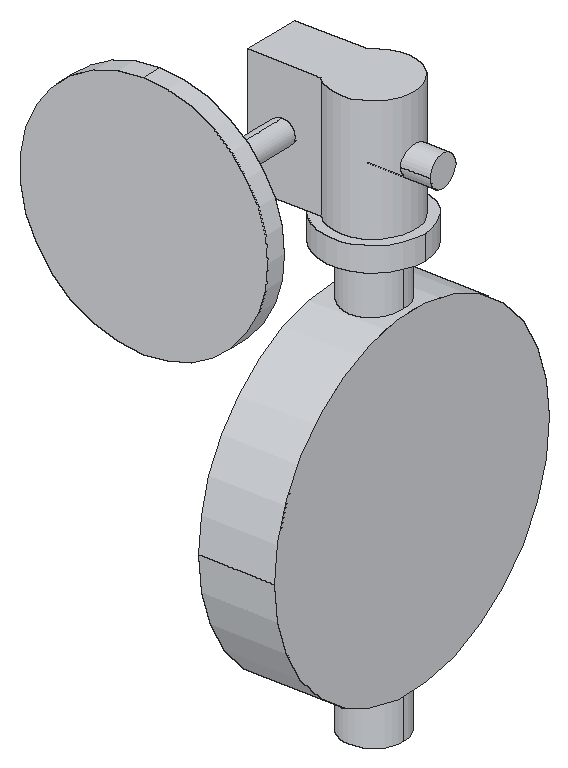
Revit family "HS497-68_disk-nerez_převodové kolo DN600-RFA_2019", category Pipe Accessories, Revit 2019
Family settings
  Round Connector Dimension = Use Diameter
  Part Type = Valve - Breaks Into
  Work Plane-Based = No
  Always vertical = Yes
  Cut with Voids When Loaded = No
  Shared = No
Parameters (values of type "HS 497-68_DN600_PN10_převodové kolo")
  magiProductId = "b1e26faab48a4c499f6bb11e7e3002"
  magiProductFamilyId = "53cea81e6f374d17b8841d9c72ad77"
  magiPartTypeId = 305
  isMeasuringValve [instance] = no
  ang2D [instance] = 0.00°
  X11 = 143.397 mm
  X1 = 59.397 mm
  W2D = 1000 mm
  VersionID = "2.0/2017.9.26.1/ZETKAMA_497_001"
  Use Minimum Symbol Size [instance] = yes
  URL = "http://www.hydronic.cz"
  Type Comments = "mezipřírubová; lnerezový disk; PN10; -10~+110°C (krátkodobě +120°C)"
  SW30 = yes
  SW3 = yes
  SW21 = no
  SW20 = no
  SW2 = no
  SW1 = no
  R = 300 mm
  QmdConnectorList = "301;D;302;D"
  Productdata [instance] = ""
  NC = 140 mm
  Manufacturer = "Hydronic Systems Prague s.r.o."
  MM20 = 59.397 mm
  MC Product Code = "126 600 (nerezový disk, s převodovým kolem; DN600; PN10, kvs36778)"
  M41 = 206.25 mm
  M4 = 137.5 mm
  LHL = 220 mm
  LHH3 = 2.45 mm
  LHH1 = 46.55 mm
  LH1 = 73.333 mm
  L4R__ve = -L4R  # -40.8 mm
  L4R = 40.8 mm
  L42__ve = -L42  # -306 mm
  L42 = 306 mm
  L41__ve = -L41  # -61.2 mm
  L41 = 61.2 mm
  L2D_Min = 3048 mm
  L2D = 216 mm
  L2 = 77 mm
  L1 = 123.2 mm
  L = 154 mm
  H = 80 mm
  G22 = 11.25 mm
  G2 = 22.5 mm
  G1 = 90 mm
  G = 210 mm
  F = 60 mm
  E44 = 125 mm
  E42 = 250 mm
  E4 = 500 mm
  E23 = 4.9 mm
  E22 = 19.6 mm
  E21 = 9.8 mm
  Description = "Mezipřírubová uzavírací klapka s převodovým kolem; nerezový disk, DN600; PN10; kvs36788"
  DR2 = 300 mm
  DR = 690 mm
  DD1 = 62.5 mm
  DD = 50 mm
  D = 600 mm
  CAT0 = yes
  B2__ve = -B2  # -140 mm
  B2 = 140 mm
  A2 = 49.4 mm
  A1 = 144.6 mm
Types (43, lengths in mm): name | magiProductId | X11 | X1 | Type Comments | SW30 | SW3 | SW20 | SW2 | SW1 | R | NC | Manufacturer | MM20 | MC Product Code | M41 | M4 | LHL | LHH3 | LHH1 | LH1 | L4R__ve | L4R | L42__ve | L42 | L41__ve | L41 | L2 | L1 | L | H | G | F | E44 | E42 | E4 | E23 | E22 | E21 | Description | DR2 | DR | DD1 | DD | D | B2__ve | B2 | A2 | A1
  HS 497-68_DN100_PN16_volné vřeteno | "65d1b245f4f142c78569c0602d5754" | 61.456 | 25.456 | "mezipřírubová; nerezový disk; PN16; -10~+110°C (krátkodobě +120°C)" | no | no | no | no | yes | 50 | 50 | "Hydronic Systems Prague s.r.o." | 25.456 | "124 100 (nerezový disk, s volným vřetenem; DN100; PN16, kvs512)" | 66 | 44 | 220 | 2.45 | 46.55 | 73.333 | -12.8 | 12.8 | -96 | 96 | -19.2 | 19.2 | 26 | 41.6 | 52 | 30 | 90 | 11 | 31.25 | 62.5 | 125 | 4.9 | 19.6 | 9.8 | "Mezipřírubová uzavírací klapka s volným vřetenem; nerezový disk, DN100; PN16; kvs512" | 50 | 147 | 15.625 | 12.5 | 100 | -56 | 56 | 16.5 | 98.5
  HS 497-68_DN100_PN16_převodové kolo | "11e91b807e674d428c8e796fcdcfe2" | 61.456 | 25.456 | "mezipřírubová; nerezový disk; PN16; -10~+110°C (krátkodobě +120°C)" | yes | yes | no | no | no | 50 | 50 | "Hydronic Systems Prague s.r.o." | 25.456 | "126 100 (nerezový disk, s převodovým kolem; DN100; PN16, kvs512)" | 65.25 | 43.5 | 220 | 2.45 | 46.55 | 73.333 | -12.8 | 12.8 | -96 | 96 | -19.2 | 19.2 | 26 | 41.6 | 52 | 30 | 90 | 11 | 31.25 | 62.5 | 125 | 4.9 | 19.6 | 9.8 | "Mezipřírubová uzavírací klapka s převodovým kolem; nerezový disk, DN100; PN16; kvs512" | 50 | 147 | 15.625 | 12.5 | 100 | -56 | 56 | 16.5 | 98.5
  HS 497-68_DN100_PN16_s pákou | "28172f0b3f4b47b28323ac71cf8749" | 61.456 | 25.456 | "mezipřírubová; nerezový disk; PN16; -10~+110°C (krátkodobě +120°C)" | no | no | yes | yes | no | 50 | 50 | "Hydronic Systems Prague s.r.o." | 25.456 | "121 100 (nerezový disk, s pákou; DN100; PN16, kvs512)" | 66 | 44 | 260 | 3 | 57 | 86.667 | -12.8 | 12.8 | -96 | 96 | -19.2 | 19.2 | 26 | 41.6 | 52 | 30 | 90 | 11 | 31.25 | 62.5 | 125 | 6 | 24 | 12 | "Mezipřírubová uzavírací klapka s pákou; nerezový disk, DN100; PN16; kvs512" | 50 | 147 | 15.625 | 12.5 | 100 | -56 | 56 | 16.5 | 98.5
  HS 497-68_DN125_PN16_volné vřeteno | "0d813d910fc14f628bb3c2efbd185c" | 61.456 | 25.456 | "mezipřírubová; nerezový disk; PN16; -10~+110°C (krátkodobě +120°C)" | no | no | no | no | yes | 62.5 | 50 | "Hydronic Systems Prague s.r.o." | 25.456 | "124 125 (nerezový disk, s volným vřetenem; DN125; PN16, kvs872)" | 66 | 44 | 220 | 2.45 | 46.55 | 73.333 | -12.8 | 12.8 | -96 | 96 | -19.2 | 19.2 | 28 | 44.8 | 56 | 33 | 90 | 14 | 31.25 | 62.5 | 125 | 4.9 | 19.6 | 9.8 | "Mezipřírubová uzavírací klapka s volným vřetenem; nerezový disk, DN125; PN16; kvs872" | 62.5 | 180 | 15.625 | 12.5 | 125 | -64 | 64 | 18 | 99.5
  HS 497-68_DN125_PN16_převodové kolo | "c56b7c13f372467684996fb1e0e229" | 61.456 | 25.456 | "mezipřírubová; nerezový disk; PN16; -10~+110°C (krátkodobě +120°C)" | yes | yes | no | no | no | 62.5 | 50 | "Hydronic Systems Prague s.r.o." | 25.456 | "126125 (nerezový disk, s převodovým kolem; DN125; PN16, kvs872)" | 65.25 | 43.5 | 220 | 2.45 | 46.55 | 73.333 | -13.5 | 13.5 | -101.25 | 101.25 | -20.25 | 20.25 | 28 | 44.8 | 56 | 33 | 90 | 14 | 40 | 80 | 160 | 4.9 | 19.6 | 9.8 | "Mezipřírubová uzavírací klapka s převodovým kolem; nerezový disk, DN125; PN16; kvs872" | 62.5 | 180 | 20 | 16 | 125 | -64 | 64 | 18 | 99.5
  HS 497-68_DN125_PN16_s pákou | "105993c79a91492399feef7931321a" | 61.456 | 25.456 | "mezipřírubová; nerezový disk; PN16; -10~+110°C (krátkodobě +120°C)" | no | no | yes | yes | no | 62.5 | 50 | "Hydronic Systems Prague s.r.o." | 25.456 | "121 125 (nerezový disk, s pákou; DN125; PN16, kvs872)" | 66 | 44 | 315 | 3.75 | 71.25 | 105 | -12.8 | 12.8 | -96 | 96 | -19.2 | 19.2 | 28 | 44.8 | 56 | 33 | 90 | 14 | 31.25 | 62.5 | 125 | 7.5 | 30 | 15 | "Mezipřírubová uzavírací klapka s pákou; nerezový disk, DN125; PN16; kvs872" | 62.5 | 180 | 15.625 | 12.5 | 125 | -64 | 64 | 18 | 99.5
  HS 497-68_DN150_PN16_volné vřeteno | "50c80cb8ab434f55ab7796e5ac1331" | 61.456 | 25.456 | "mezipřírubová; nerezový disk; PN16; -10~+110°C (krátkodobě +120°C)" | no | no | no | no | yes | 75 | 50 | "Hydronic Systems Prague s.r.o." | 25.456 | "124 150 (nerezový disk, s volným vřetenem; DN150; PN16, kvs1347)" | 66 | 44 | 220 | 2.45 | 46.55 | 73.333 | -12.8 | 12.8 | -96 | 96 | -19.2 | 19.2 | 28 | 44.8 | 56 | 33 | 90 | 14 | 31.25 | 62.5 | 125 | 4.9 | 19.6 | 9.8 | "Mezipřírubová uzavírací klapka s volným vřetenem; nerezový disk, DN150; PN16; kvs1347" | 75 | 206 | 15.625 | 12.5 | 150 | -58 | 58 | 19.3 | 98.7
  HS 497-68_DN150_PN16_převodové kolo | "d94a1a0cf83b476eb10011b327f709" | 61.456 | 25.456 | "mezipřírubová; nerezový disk; PN16; -10~+110°C (krátkodobě +120°C)" | yes | yes | no | no | no | 75 | 50 | "Hydronic Systems Prague s.r.o." | 25.456 | "126 150 (nerezový disk, s převodovým kolem; DN150; PN16, kvs1347)" | 65.25 | 43.5 | 220 | 2.45 | 46.55 | 73.333 | -13.5 | 13.5 | -101.25 | 101.25 | -20.25 | 20.25 | 28 | 44.8 | 56 | 33 | 90 | 14 | 40 | 80 | 160 | 4.9 | 19.6 | 9.8 | "Mezipřírubová uzavírací klapka s převodovým kolem; nerezový disk, DN150; PN16; kvs1347" | 75 | 206 | 20 | 16 | 150 | -58 | 58 | 19.3 | 98.7
  HS 497-68_DN150_PN16_s pákou | "4d2835523fe84828bc50ff0a5a0dfb" | 61.456 | 25.456 | "mezipřírubová; nerezový disk; PN16; -10~+110°C (krátkodobě +120°C)" | no | no | yes | yes | no | 75 | 50 | "Hydronic Systems Prague s.r.o." | 25.456 | "121 150 (nerezový disk, s pákou; DN150; PN16, kvs1347)" | 66 | 44 | 315 | 3.75 | 71.25 | 105 | -12.8 | 12.8 | -96 | 96 | -19.2 | 19.2 | 28 | 44.8 | 56 | 33 | 90 | 14 | 31.25 | 62.5 | 125 | 7.5 | 30 | 15 | "Mezipřírubová uzavírací klapka s pákou; nerezový disk, DN150; PN16; kvs1347" | 75 | 206 | 15.625 | 12.5 | 150 | -58 | 58 | 19.3 | 98.7
  HS 497-68_DN200_PN16_volné vřeteno | "5b29029eaeba47139ee1055a4b9201" | 61.456 | 25.456 | "mezipřírubová; nerezový disk; PN16; -10~+110°C (krátkodobě +120°C)" | no | no | no | no | yes | 100 | 50 | "Hydronic Systems Prague s.r.o." | 25.456 | "124 200 (nerezový disk, s volným vřetenem; DN200; PN16, kvs2675)" | 66 | 44 | 220 | 2.45 | 46.55 | 73.333 | -12.8 | 12.8 | -96 | 96 | -19.2 | 19.2 | 30 | 48 | 60 | 33 | 90 | 17 | 31.25 | 62.5 | 125 | 4.9 | 19.6 | 9.8 | "Mezipřírubová uzavírací klapka s volným vřetenem; nerezový disk, DN200; PN16; kvs2675" | 100 | 257 | 15.625 | 12.5 | 200 | -70 | 70 | 22.5 | 102.5
  HS 497-68_DN200_PN16_převodové kolo | "b2793cc1fcc44cf2a35062cd67c04f" | 61.456 | 25.456 | "mezipřírubová; nerezový disk; PN16; -10~+110°C (krátkodobě +120°C)" | yes | yes | no | no | no | 100 | 57 | "Hydronic Systems Prague s.r.o." | 25.456 | "126 200 (nerezový disk, s převodovým kolem; DN200; PN16, kvs2675)" | 78.75 | 52.5 | 220 | 2.45 | 46.55 | 73.333 | -15.2 | 15.2 | -114 | 114 | -22.8 | 22.8 | 30 | 48 | 60 | 33 | 90 | 17 | 50 | 100 | 200 | 4.9 | 19.6 | 9.8 | "Mezipřírubová uzavírací klapka s převodovým kolem; nerezový disk, DN200; PN16; kvs2675" | 100 | 257 | 25 | 20 | 200 | -70 | 70 | 22.5 | 102.5
  HS 497-68_DN200_PN16_s pákou | "f88d96c7af224537a51e72d7d8fffe" | 61.456 | 25.456 | "mezipřírubová; nerezový disk; PN16; -10~+110°C (krátkodobě +120°C)" | no | no | yes | yes | no | 100 | 50 | "Hydronic Systems Prague s.r.o." | 25.456 | "121 200 (nerezový disk, s pákou; DN200; PN16, kvs2675)" | 66 | 44 | 315 | 3.75 | 71.25 | 105 | -12.8 | 12.8 | -96 | 96 | -19.2 | 19.2 | 30 | 48 | 60 | 33 | 90 | 17 | 31.25 | 62.5 | 125 | 7.5 | 30 | 15 | "Mezipřírubová uzavírací klapka s pákou; nerezový disk, DN200; PN16; kvs2675" | 100 | 257 | 15.625 | 12.5 | 200 | -70 | 70 | 22.5 | 102.5
  HS 497-68_DN250_PN16_volné vřeteno | "b662e8305ca2402b9c510e66e6aa55" | 88.77 | 36.77 | "mezipřírubová; nerezový disk; PN16; -10~+110°C (krátkodobě +120°C)" | no | no | no | no | yes | 125 | 50 | "Hydronic Systems Prague s.r.o." | 36.77 | "124 250 (nerezový disk, s volným vřetenem; DN250; PN16, kvs4555)" | 66 | 44 | 220 | 2.45 | 46.55 | 73.333 | -12.8 | 12.8 | -96 | 96 | -19.2 | 19.2 | 34 | 54.4 | 68 | 23 | 130 | 22 | 31.25 | 62.5 | 125 | 4.9 | 19.6 | 9.8 | "Mezipřírubová uzavírací klapka s volným vřetenem; nerezový disk, DN250; PN16; kvs4555" | 125 | 324 | 15.625 | 12.5 | 250 | -85 | 85 | 28.25 | 129.25
  HS 497-68_DN250_PN16_převodové kolo | "5ee9016806664ddfaa2632711f295c" | 88.77 | 36.77 | "mezipřírubová; nerezový disk; PN16; -10~+110°C (krátkodobě +120°C)" | yes | yes | no | no | no | 125 | 70 | "Hydronic Systems Prague s.r.o." | 36.77 | "126 250 (nerezový disk, s převodovým kolem; DN250; PN16, kvs4555)" | 91.5 | 61 | 220 | 2.45 | 46.55 | 73.333 | -22.2 | 22.2 | -166.5 | 166.5 | -33.3 | 33.3 | 34 | 54.4 | 68 | 23 | 130 | 22 | 62.5 | 125 | 250 | 4.9 | 19.6 | 9.8 | "Mezipřírubová uzavírací klapka s převodovým kolem; nerezový disk, DN250; PN16; kvs4555" | 125 | 324 | 31.25 | 25 | 250 | -85 | 85 | 28.25 | 129.25
  HS 497-68_DN300_PN16_volné vřeteno | "e1886f51ff004380a649519258edf2" | 88.77 | 36.77 | "mezipřírubová; nerezový disk; PN16; -10~+110°C (krátkodobě +120°C)" | no | no | no | no | yes | 150 | 50 | "Hydronic Systems Prague s.r.o." | 36.77 | "124 300 (nerezový disk, s volným vřetenem; DN300; PN16, kvs7037)" | 66 | 44 | 220 | 2.45 | 46.55 | 73.333 | -12.8 | 12.8 | -96 | 96 | -19.2 | 19.2 | 39 | 62.4 | 78 | 23 | 130 | 22 | 31.25 | 62.5 | 125 | 4.9 | 19.6 | 9.8 | "Mezipřírubová uzavírací klapka s volným vřetenem; nerezový disk, DN300; PN16; kvs7037" | 150 | 376 | 15.625 | 12.5 | 300 | -90 | 90 | 30.8 | 127.2
  HS 497-68_DN300_PN16_převodové kolo | "6860f094f77d42088fbebc3c97f755" | 88.77 | 36.77 | "mezipřírubová; nerezový disk; PN16; -10~+110°C (krátkodobě +120°C)" | yes | yes | no | no | no | 150 | 70 | "Hydronic Systems Prague s.r.o." | 36.77 | "126 300 (nerezový disk, s převodovým kolem; DN300; PN16, kvs7037)" | 91.5 | 61 | 220 | 2.45 | 46.55 | 73.333 | -22.2 | 22.2 | -166.5 | 166.5 | -33.3 | 33.3 | 39 | 62.4 | 78 | 23 | 130 | 22 | 62.5 | 125 | 250 | 4.9 | 19.6 | 9.8 | "Mezipřírubová uzavírací klapka s převodovým kolem; nerezový disk, DN300; PN16; kvs7037" | 150 | 376 | 31.25 | 25 | 300 | -90 | 90 | 30.8 | 127.2
  HS 497-68_DN032_PN16_volné vřeteno | "8c5f65de52aa4067a77564107e31b2" | 61.456 | 25.456 | "mezipřírubová; nerezový disk; PN16; -10~+110°C (krátkodobě +120°C)" | no | no | no | no | yes | 16 | 50 | "Hydronic Systems Prague s.r.o." | 25.456 | "124 032 (nerezový disk, s volným vřetenem; DN32; PN16, kvs78)" | 66 | 44 | 220 | 2.45 | 46.55 | 73.333 | -12.8 | 12.8 | -96 | 96 | -19.2 | 19.2 | 16.5 | 26.4 | 33 | 30 | 90 | 11 | 31.25 | 62.5 | 125 | 4.9 | 19.6 | 9.8 | "Mezipřírubová uzavírací klapka s volným vřetenem; nerezový disk, DN32; PN16; kvs78" | 16 | 68 | 15.625 | 12.5 | 32 | -44.2 | 44.2 | 10.25 | 76.25
  HS 497-68_DN032_PN16_převodové kolo | "60aaeffa8b3a4e809ef000e4660060" | 61.456 | 25.456 | "mezipřírubová; nerezový disk; PN16; -10~+110°C (krátkodobě +120°C)" | yes | yes | no | no | no | 16 | 50 | "Hydronic Systems Prague s.r.o." | 25.456 | "126 032 (nerezový disk, s převodovým kolem; DN32; PN16, kvs78)" | 65.25 | 43.5 | 220 | 2.45 | 46.55 | 73.333 | -12.8 | 12.8 | -96 | 96 | -19.2 | 19.2 | 16.5 | 26.4 | 33 | 30 | 90 | 11 | 31.25 | 62.5 | 125 | 4.9 | 19.6 | 9.8 | "Mezipřírubová uzavírací klapka s převodovým kolem; nerezový disk, DN32; PN16; kvs78" | 16 | 68 | 15.625 | 12.5 | 32 | -44.2 | 44.2 | 10.25 | 76.25
  HS 497-68_DN032_PN16_s pákou | "9ad8088d610749a1b871aa2aad8007" | 61.456 | 25.456 | "mezipřírubová; nerezový disk; PN16; -10~+110°C (krátkodobě +120°C)" | no | no | yes | yes | no | 16 | 50 | "Hydronic Systems Prague s.r.o." | 25.456 | "121 032 (nerezový disk, s pákou; DN32; PN16, kvs78)" | 66 | 44 | 220 | 2.45 | 46.55 | 73.333 | -12.8 | 12.8 | -96 | 96 | -19.2 | 19.2 | 16.5 | 26.4 | 33 | 30 | 90 | 11 | 31.25 | 62.5 | 125 | 4.9 | 19.6 | 9.8 | "Mezipřírubová uzavírací klapka s pákou; nerezový disk, DN32; PN16; kvs78" | 16 | 68 | 15.625 | 12.5 | 32 | -44.2 | 44.2 | 10.25 | 76.25
  HS 497-68_DN350_PN10_volné vřeteno | "72a1e05f22944421b7e9596a877137" | 109.255 | 45.255 | "mezipřírubová; nerezový disk; PN10; -10~+110°C (krátkodobě +120°C)" | no | no | no | no | yes | 175 | 50 | "Hydronic Systems Prague s.r.o." | 45.255 | "124 350 (nerezový disk, s volným vřetenem; DN350; PN10, kvs10165)" | 66 | 44 | 220 | 2.45 | 46.55 | 73.333 | -12.8 | 12.8 | -96 | 96 | -19.2 | 19.2 | 39 | 62.4 | 78 | 31 | 160 | 22 | 31.25 | 62.5 | 125 | 4.9 | 19.6 | 9.8 | "Mezipřírubová uzavírací klapka s volným vřetenem; nerezový disk, DN350; PN10; kvs10165" | 175 | 430 | 15.625 | 12.5 | 350 | -88 | 88 | 33.85 | 129.65
  HS 497-68_DN350_PN10_převodové kolo | "a5a01426cb28494ba3afca92f1dace" | 109.255 | 45.255 | "mezipřírubová; nerezový disk; PN10; -10~+110°C (krátkodobě +120°C)" | yes | yes | no | no | no | 175 | 70 | "Hydronic Systems Prague s.r.o." | 45.255 | "126 350 (nerezový disk, s převodovým kolem; DN350; PN10, kvs10165)" | 91.5 | 61 | 220 | 2.45 | 46.55 | 73.333 | -22.2 | 22.2 | -166.5 | 166.5 | -33.3 | 33.3 | 39 | 62.4 | 78 | 31 | 160 | 22 | 62.5 | 125 | 250 | 4.9 | 19.6 | 9.8 | "Mezipřírubová uzavírací klapka s převodovým kolem; nerezový disk, DN350; PN10; kvs10165" | 175 | 430 | 31.25 | 25 | 350 | -88 | 88 | 33.85 | 129.65
  HS 497-68_DN400_PN10_volné vřeteno | "c70ebeb927c04ab99b176e257ad0a7" | 109.255 | 45.255 | "mezipřírubová; nerezový disk; PN10; -10~+110°C (krátkodobě +120°C)" | no | no | no | no | yes | 200 | 50 | "Hydronic Systems Prague s.r.o." | 45.255 | "124 400 (nerezový disk, s volným vřetenem; DN400; PN10, kvs13799)" | 66 | 44 | 220 | 2.45 | 46.55 | 73.333 | -12.8 | 12.8 | -96 | 96 | -19.2 | 19.2 | 51 | 81.6 | 102 | 31 | 160 | 27 | 31.25 | 62.5 | 125 | 4.9 | 19.6 | 9.8 | "Mezipřírubová uzavírací klapka s volným vřetenem; nerezový disk, DN400; PN10; kvs13799" | 200 | 485 | 15.625 | 12.5 | 400 | -108 | 108 | 38 | 142
  HS 497-68_DN400_PN10_převodové kolo | "cc64a4384dcb41b780d81810f4f293" | 109.255 | 45.255 | "mezipřírubová; nerezový disk; PN10; -10~+110°C (krátkodobě +120°C)" | yes | yes | no | no | no | 200 | 72.5 | "Hydronic Systems Prague s.r.o." | 45.255 | "126 400 (nerezový disk, s převodovým kolem; DN400; PN10, kvs13799)" | 103.5 | 69 | 220 | 2.45 | 46.55 | 73.333 | -27.8 | 27.8 | -208.5 | 208.5 | -41.7 | 41.7 | 51 | 81.6 | 102 | 31 | 160 | 27 | 75 | 150 | 300 | 4.9 | 19.6 | 9.8 | "Mezipřírubová uzavírací klapka s převodovým kolem; nerezový disk, DN400; PN10; kvs13799" | 200 | 485 | 37.5 | 30 | 400 | -108 | 108 | 38 | 142
  HS 497-68_DN040_PN16_volné vřeteno | "35f92312390745e88df5b5c325d9ee" | 61.456 | 25.456 | "mezipřírubová; nerezový disk; PN16; -10~+110°C (krátkodobě +120°C)" | no | no | no | no | yes | 20 | 50 | "Hydronic Systems Prague s.r.o." | 25.456 | "124 040 (nerezový disk, s volným vřetenem; DN40; PN16, kvs78)" | 66 | 44 | 220 | 2.45 | 46.55 | 73.333 | -12.8 | 12.8 | -96 | 96 | -19.2 | 19.2 | 16.5 | 26.4 | 33 | 30 | 90 | 11 | 31.25 | 62.5 | 125 | 4.9 | 19.6 | 9.8 | "Mezipřírubová uzavírací klapka s volným vřetenem; nerezový disk, DN40; PN16; kvs78" | 20 | 76 | 15.625 | 12.5 | 40 | -36 | 36 | 11 | 79
  HS 497-68_DN040_PN16_převodové kolo | "d88e968eae3445bc9b7b4e6ff35127" | 61.456 | 25.456 | "mezipřírubová; nerezový disk; PN16; -10~+110°C (krátkodobě +120°C)" | yes | yes | no | no | no | 20 | 50 | "Hydronic Systems Prague s.r.o." | 25.456 | "126 040 (nerezový disk, s převodovým kolem; DN40; PN16, kvs78)" | 65.25 | 43.5 | 220 | 2.45 | 46.55 | 73.333 | -12.8 | 12.8 | -96 | 96 | -19.2 | 19.2 | 16.5 | 26.4 | 33 | 30 | 90 | 11 | 31.25 | 62.5 | 125 | 4.9 | 19.6 | 9.8 | "Mezipřírubová uzavírací klapka s převodovým kolem; nerezový disk, DN40; PN16; kvs78" | 20 | 76 | 15.625 | 12.5 | 40 | -36 | 36 | 11 | 79
  HS 497-68_DN040_PN16_s pákou | "c1b522ca65b4407a98818f232eaacb" | 61.456 | 25.456 | "mezipřírubová; nerezový disk; PN16; -10~+110°C (krátkodobě +120°C)" | no | no | yes | yes | no | 20 | 50 | "Hydronic Systems Prague s.r.o." | 25.456 | "121 040 (nerezový disk, s pákou; DN40; PN16, kvs78)" | 66 | 44 | 220 | 2.45 | 46.55 | 73.333 | -12.8 | 12.8 | -96 | 96 | -19.2 | 19.2 | 16.5 | 26.4 | 33 | 30 | 90 | 11 | 31.25 | 62.5 | 125 | 4.9 | 19.6 | 9.8 | "Mezipřírubová uzavírací klapka s pákou; nerezový disk, DN40; PN16; kvs78" | 20 | 76 | 15.625 | 12.5 | 40 | -36 | 36 | 11 | 79
  HS 497-68_DN450_PN10_volné vřeteno | "a8358bc282f14872b3194e530e590a" | 129.74 | 53.74 | "mezipřírubová; nerezový disk; PN10; -10~+110°C (krátkodobě +120°C)" | no | no | no | no | yes | 225 | 50 | "Hydronic Systems Prague s.r.o." | 53.74 | "124 450 (nerezový disk, s volným vřetenem; DN450; PN10, kvs18514)" | 66 | 44 | 220 | 2.45 | 46.55 | 73.333 | -12.8 | 12.8 | -96 | 96 | -19.2 | 19.2 | 57 | 91.2 | 114 | 38 | 190 | 36 | 31.25 | 62.5 | 125 | 4.9 | 19.6 | 9.8 | "Mezipřírubová uzavírací klapka s volným vřetenem; nerezový, DN450; PN10; kvs18514" | 225 | 536 | 15.625 | 12.5 | 450 | -115 | 115 | 38.05 | 117.45
  HS 497-68_DN450_PN10_převodové kolo | "cdf2d80f54a9414f9cbe50647c0ebd" | 129.74 | 53.74 | "mezipřírubová; nerezový disk; PN10; -10~+110°C (krátkodobě +120°C)" | yes | yes | no | no | no | 225 | 91.5 | "Zetkama" | 53.74 | "126 450 (nerezový disk, s převodovým kolem; DN450; PN10, kvs18514)" | 144.75 | 96.5 | 220 | 2.45 | 46.55 | 73.333 | -32.1 | 32.1 | -240.75 | 240.75 | -48.15 | 48.15 | 57 | 91.2 | 114 | 38 | 190 | 36 | 100 | 200 | 400 | 4.9 | 19.6 | 9.8 | "Mezipřírubová uzavírací klapka s převodovým kolem; nerezový disk, DN450; PN10; kvs18514" | 225 | 536 | 50 | 40 | 450 | -115 | 115 | 38.05 | 117.45
  HS 497-68_DN500_PN10_volné vřeteno | "8c396e27bb2743f98f3c762b6517cd" | 143.397 | 59.397 | "mezipřírubová; nerezový disk; PN10; -10~+110°C (krátkodobě +120°C)" | no | no | no | no | yes | 250 | 50 | "Hydronic Systems Prague s.r.o." | 59.397 | "124 500 (nerezový disk, s volným vřetenem; DN500; PN10, kvs23805)" | 66 | 44 | 220 | 2.45 | 46.55 | 73.333 | -12.8 | 12.8 | -96 | 96 | -19.2 | 19.2 | 63.5 | 101.6 | 127 | 38 | 210 | 36 | 31.25 | 62.5 | 125 | 4.9 | 19.6 | 9.8 | "Mezipřírubová uzavírací klapka s volným vřetenem; nerezový disk, DN500; PN10; kvs23805" | 250 | 593 | 15.625 | 12.5 | 500 | -130 | 130 | 43.25 | 139.25
  HS 497-68_DN500_PN10_převodové kolo | "7647804f32e94cef828a7034a91a46" | 143.397 | 59.397 | "mezipřírubová; nerezový disk; PN10; -10~+110°C (krátkodobě +120°C)" | yes | yes | no | no | no | 250 | 91.5 | "Zetkama" | 59.397 | "126 500 (nerezový disk, s převodovým kolem; DN500; PN10, kvs23805)" | 144.75 | 96.5 | 220 | 2.45 | 46.55 | 73.333 | -32.1 | 32.1 | -240.75 | 240.75 | -48.15 | 48.15 | 63.5 | 101.6 | 127 | 38 | 210 | 36 | 100 | 200 | 400 | 4.9 | 19.6 | 9.8 | "Mezipřírubová uzavírací klapka s převodovým kolem; nerezový disk, DN500; PN10; kvs23805" | 250 | 593 | 50 | 40 | 500 | -130 | 130 | 43.25 | 139.25
  HS 497-68_DN050_volné vřeteno | "d71f296ecd6d4adf8f6e5d9853b4e0" | 61.456 | 25.456 | "mezipřírubová; nerezový disk; PN16; -10~+110°C (krátkodobě +120°C)" | no | no | no | no | yes | 25 | 50 | "Hydronic Systems Prague s.r.o." | 25.456 | "124 050 (nerezový disk, s volným vřetenem; DN50; PN16, kvs98)" | 66 | 44 | 220 | 2.45 | 46.55 | 73.333 | -12.8 | 12.8 | -96 | 96 | -19.2 | 19.2 | 21.5 | 34.4 | 43 | 30 | 90 | 11 | 31.25 | 62.5 | 125 | 4.9 | 19.6 | 9.8 | "Mezipřírubová uzavírací klapka s volným vřetenem; nerezový disk, DN50; PN16; kvs98" | 25 | 100 | 15.625 | 12.5 | 50 | -36.5 | 36.5 | 12 | 83
  HS 497-68_DN050_PN16_převodové kolo | "2fb080deeaed49c58418b94c1da5a4" | 61.456 | 25.456 | "mezipřírubová; nerezový disk; PN16; -10~+110°C (krátkodobě +120°C)" | yes | yes | no | no | no | 25 | 50 | "Hydronic Systems Prague s.r.o." | 25.456 | "126 050 (nerezový disk, s převodovým kolem; DN50; PN16, kvs98)" | 65.25 | 43.5 | 220 | 2.45 | 46.55 | 73.333 | -12.8 | 12.8 | -96 | 96 | -19.2 | 19.2 | 21.5 | 34.4 | 43 | 30 | 90 | 11 | 31.25 | 62.5 | 125 | 4.9 | 19.6 | 9.8 | "Mezipřírubová uzavírací klapka s převodovým kolem; nerezový disk, DN50; PN16; kvs98" | 25 | 100 | 15.625 | 12.5 | 50 | -36.5 | 36.5 | 12 | 83
  HS 497-68_DN050_PN16_s pákou | "dabc632061f94877a994b9b4e68112" | 61.456 | 25.456 | "mezipřírubová; nerezový disk; PN16; -10~+110°C (krátkodobě +120°C)" | no | no | yes | yes | no | 25 | 50 | "Hydronic Systems Prague s.r.o." | 25.456 | "121 050 (nerezový disk, s pákou; DN50; PN16, kvs98)" | 66 | 44 | 220 | 2.45 | 46.55 | 73.333 | -12.8 | 12.8 | -96 | 96 | -19.2 | 19.2 | 21.5 | 34.4 | 43 | 30 | 90 | 11 | 31.25 | 62.5 | 125 | 4.9 | 19.6 | 9.8 | "Mezipřírubová uzavírací klapka s pákou; nerezový disk, DN50; PN16; kvs98" | 25 | 100 | 15.625 | 12.5 | 50 | -36.5 | 36.5 | 12 | 83
  HS 497-68_DN600_PN10_volné vřeteno | "99d5892c14664fce81a7c5903f7711" | 143.397 | 59.397 | "mezipřírubová; nerezový disk; PN10; -10~+110°C (krátkodobě +120°C)" | no | no | no | no | yes | 300 | 50 | "Hydronic Systems Prague s.r.o." | 59.397 | "124 600 (nerezový disk, s volným vřetenem; DN600; PN10, kvs36778)" | 66 | 44 | 220 | 2.45 | 46.55 | 73.333 | -12.8 | 12.8 | -96 | 96 | -19.2 | 19.2 | 77 | 123.2 | 154 | 80 | 210 | 60 | 31.25 | 62.5 | 125 | 4.9 | 19.6 | 9.8 | "Mezipřírubová uzavírací klapka s volným vřetenem; nerezový disk, DN600; PN10; kvs36788" | 300 | 690 | 15.625 | 12.5 | 600 | -140 | 140 | 49.4 | 144.6
  HS 497-68_DN600_PN10_převodové kolo | "b1e26faab48a4c499f6bb11e7e3002" | 143.397 | 59.397 | "mezipřírubová; lnerezový disk; PN10; -10~+110°C (krátkodobě +120°C)" | yes | yes | no | no | no | 300 | 140 | "Hydronic Systems Prague s.r.o." | 59.397 | "126 600 (nerezový disk, s převodovým kolem; DN600; PN10, kvs36778)" | 206.25 | 137.5 | 220 | 2.45 | 46.55 | 73.333 | -40.8 | 40.8 | -306 | 306 | -61.2 | 61.2 | 77 | 123.2 | 154 | 80 | 210 | 60 | 125 | 250 | 500 | 4.9 | 19.6 | 9.8 | "Mezipřírubová uzavírací klapka s převodovým kolem; nerezový disk, DN600; PN10; kvs36788" | 300 | 690 | 62.5 | 50 | 600 | -140 | 140 | 49.4 | 144.6
  HS 497-68_DN065_PN16_volné vřeteno | "5e5e208646e34ec29f889baab5d08e" | 61.456 | 25.456 | "mezipřírubová; lnerezový disk; PN16; -10~+110°C (krátkodobě +120°C)" | no | no | no | no | yes | 32.5 | 50 | "Hydronic Systems Prague s.r.o." | 25.456 | "124 065 (nerezový disk, s volným vřetenem; DN65; PN16, kvs167)" | 66 | 44 | 220 | 2.45 | 46.55 | 73.333 | -12.8 | 12.8 | -96 | 96 | -19.2 | 19.2 | 23 | 36.8 | 46 | 30 | 90 | 11 | 31.25 | 62.5 | 125 | 4.9 | 19.6 | 9.8 | "Mezipřírubová uzavírací klapka s volným vřetenem; nerezový disk, DN65; PN16; kv167" | 32.5 | 108 | 15.625 | 12.5 | 65 | -36.5 | 36.5 | 13.5 | 89
  HS 497-68_DN065_PN16_převodové kolo | "654d74c8d15540b0bfe523d988ccb3" | 61.456 | 25.456 | "mezipřírubová; nerezový disk; PN16; -10~+110°C (krátkodobě +120°C)" | yes | yes | no | no | no | 32.5 | 50 | "Hydronic Systems Prague s.r.o." | 25.456 | "126 065 (nerezový disk, s převodovým kolem; DN65; PN16, kvs167)" | 65.25 | 43.5 | 220 | 2.45 | 46.55 | 73.333 | -12.8 | 12.8 | -96 | 96 | -19.2 | 19.2 | 23 | 36.8 | 46 | 30 | 90 | 11 | 31.25 | 62.5 | 125 | 4.9 | 19.6 | 9.8 | "Mezipřírubová uzavírací klapka s převodovým kolem; nerezový disk, DN65; PN16; kvs167" | 32.5 | 108 | 15.625 | 12.5 | 65 | -36.5 | 36.5 | 13.5 | 89
  HS 497-68_DN065_PN16_s pákou | "ebeb4b59db0641caaf6d6635ab37b9" | 61.456 | 25.456 | "mezipřírubová; nerezový disk; PN16; -10~+110°C (krátkodobě +120°C)" | no | no | yes | yes | no | 32.5 | 50 | "Hydronic Systems Prague s.r.o." | 25.456 | "121 065 (nerezový disk, s pákou; DN65; PN16, kvs167)" | 66 | 44 | 220 | 2.45 | 46.55 | 73.333 | -12.8 | 12.8 | -96 | 96 | -19.2 | 19.2 | 23 | 36.8 | 46 | 30 | 90 | 11 | 31.25 | 62.5 | 125 | 4.9 | 19.6 | 9.8 | "Mezipřírubová uzavírací klapka s pákou; nerezový disk, DN65; PN16; kvs167" | 32.5 | 108 | 15.625 | 12.5 | 65 | -36.5 | 36.5 | 13.5 | 89
  HS 497-68_DN080_PN16_volné vřeteno | "9e85c75c18654e1185a9c48ed6b00e" | 61.456 | 25.456 | "mezipřírubová; nerezový disk; PN16; -10~+110°C (krátkodobě +120°C)" | no | no | no | no | yes | 40 | 50 | "Hydronic Systems Prague s.r.o." | 25.456 | "124 080 (nerezový disk, s volným vřetenem; DN80; PN16, kvs258)" | 66 | 44 | 220 | 2.45 | 46.55 | 73.333 | -12.8 | 12.8 | -96 | 96 | -19.2 | 19.2 | 23 | 36.8 | 46 | 30 | 90 | 11 | 31.25 | 62.5 | 125 | 4.9 | 19.6 | 9.8 | "Mezipřírubová uzavírací klapka s volným vřetenem; nerezový disk, DN80; PN16; kvs258" | 40 | 124 | 15.625 | 12.5 | 80 | -54 | 54 | 14.1 | 86.9
  HS 497-68_DN080_PN16_převodové kolo | "5b3c8238c3d041e68c75b199e7ea46" | 61.456 | 25.456 | "mezipřírubová; nerezový disk; PN16; -10~+110°C (krátkodobě +120°C)" | yes | yes | no | no | no | 40 | 50 | "Hydronic Systems Prague s.r.o." | 25.456 | "126 080 (nerezový disk, s převodovým kolem; DN80; PN16, kvs258)" | 65.25 | 43.5 | 220 | 2.45 | 46.55 | 73.333 | -12.8 | 12.8 | -96 | 96 | -19.2 | 19.2 | 23 | 36.8 | 46 | 30 | 90 | 11 | 31.25 | 62.5 | 125 | 4.9 | 19.6 | 9.8 | "Mezipřírubová uzavírací klapka s převodovým kolem; nerezový disk, DN80; PN16; kvs258" | 40 | 124 | 15.625 | 12.5 | 80 | -54 | 54 | 14.1 | 86.9
  HS 497-68_DN080_PN16_s pákou | "e414795fab0f4eccb99bc3572c5477" | 61.456 | 25.456 | "mezipřírubová; nerezový disk; PN16; -10~+110°C (krátkodobě +120°C)" | no | no | yes | yes | no | 40 | 50 | "Hydronic Systems Prague s.r.o." | 25.456 | "121 080 (nerezový disk, s pákou; DN80; PN16, kvs258)" | 66 | 44 | 260 | 3 | 57 | 86.667 | -12.8 | 12.8 | -96 | 96 | -19.2 | 19.2 | 23 | 36.8 | 46 | 30 | 90 | 11 | 31.25 | 62.5 | 125 | 6 | 24 | 12 | "Mezipřírubová uzavírací klapka s pákou; nerezový disk, DN80; PN16; kvs258" | 40 | 124 | 15.625 | 12.5 | 80 | -54 | 54 | 14.1 | 86.9
  HS 497-68_DN250_PN16_s pákou | "" | 88.77 | 36.77 | "mezipřírubová; nerezový disk; PN16; -10~+110°C (krátkodobě +120°C)" | no | no | yes | yes | no | 125 | 70 | "Hydronic Systems Prague s.r.o." | 36.77 | "121 250 (nerezový disk, s ákou; DN250; PN16, kvs4555)" | 91.5 | 61 | 220 | 2.45 | 46.55 | 73.333 | -22.2 | 22.2 | -166.5 | 166.5 | -33.3 | 33.3 | 34 | 54.4 | 68 | 23 | 130 | 22 | 62.5 | 125 | 250 | 4.9 | 19.6 | 9.8 | "Mezipřírubová uzavírací klapka s pákou; nerezový disk, DN250; PN16; kvs4555" | 125 | 324 | 31.25 | 25 | 250 | -85 | 85 | 28.25 | 129.25
  HS 497-68_DN300_PN16_s pákou | "" | 88.77 | 36.77 | "mezipřírubová; nerezový disk; PN16; -10~+110°C (krátkodobě +120°C)" | no | no | yes | yes | no | 150 | 70 | "Hydronic Systems Prague s.r.o." | 36.77 | "121 300 (nerezový disk, s pákou; DN300; PN16, kvs7037)" | 91.5 | 61 | 220 | 2.45 | 46.55 | 73.333 | -22.2 | 22.2 | -166.5 | 166.5 | -33.3 | 33.3 | 39 | 62.4 | 78 | 23 | 130 | 22 | 62.5 | 125 | 250 | 4.9 | 19.6 | 9.8 | "Mezipřírubová uzavírací klapka s pákou; nerezový disk, DN300; PN16; kvs7037" | 150 | 376 | 31.25 | 25 | 300 | -90 | 90 | 30.8 | 127.2
Reference planes
  plane 1 "Center (Front/Back)": y = 0
  plane 2 "XYPLANE": z = 0
  plane 3 "Center (Left/Right)": x = 0
  plane 4 "473": x = -59.397
  plane 5 "472": x = -206.25
  plane 6 "471": y = -59.397
  plane 7 "470": y = 59.397
  plane 8 "469": x = -137.5
  plane 9 "468": y = -367.2
  plane 10 "467": y = -306
  plane 11 "466": z = 619
  plane 12 "465": z = 540.55
  plane 13 "464": y = 145.417
  plane 14 "463": z = 530.75
  plane 15 "462": z = 513.6
  plane 16 "461": z = 523.4
  plane 17 "460": y = 72.083
  plane 18 "459": x = -11.25
  plane 19 "458": x = 11.25
  plane 20 "457": y = -6.25
  plane 21 "456": x = -17.5
  plane 22 "455": x = 17.5
  plane 23 "454": z = 528.3
  plane 24 "453": y = 62.083
  plane 25 "452": y = -11.25
  plane 26 "451": x = -22.5
  plane 27 "450": x = 22.5
  plane 28 "449": z = 508.7
  plane 29 "448": z = 503.8
  plane 30 "447": z = -300
  plane 31 "446": z = 494
  plane 32 "445": z = 444.6
  plane 33 "444": z = 300
  plane 34 "443": x = 77
  plane 35 "442": x = -77
  plane 36 "441": z = 0
  plane 37 "440": y = 0
  plane 38 "439": x = 0
  plane 39 "438": z = 543
  plane 40 "437": z = 528.3
  plane 41 "436": x = 13.7
  plane 42 "435": x = -13.7
  plane 43 "434": y = 220
Forms (mm)
  Extrusion 1, solid, visible <- "SW3"
    sketch origin (-750, 0, 494) x (1, 0, 0) y (0, 1, 0)
      loop
        line (543.75, 59.397) -> (543.75, -59.397) -> (690.603, -59.397)
        arc (690.603, -59.397) -> (834, 0) -> (690.603, 59.397) r 84
        line (690.603, 59.397) -> (543.75, 59.397)
    from 0 to 250 <- "E42"
  Extrusion 2, solid, visible <- "SW30"
    sketch origin (0, -750, 0) x (0, 1, 0) y (0, 0, 1)
      loop
        circle (750, 619) r 31.25
    from 0 to 140 <- "NC"
  Extrusion 3, solid, visible <- "SW30"
    sketch origin (750, -367.2, 0) x (-1, 0, 0) y (0, 0, 1)
      loop
        circle (887.5, 619) r 250
    from 0 to -40.8 <- "L4R__ve"
  Extrusion 4, solid, visible <- "SW3"
    sketch origin (750, -306, 0) x (-1, 0, 0) y (0, 0, 1)
      loop
        circle (887.5, 619) r 31.25
    from 0 to -61.2 <- "L41__ve"
  Extrusion 5, solid, visible <- "SW30"
    sketch origin (750, 0, 0) x (-1, 0, 0) y (0, 0, 1)
      loop
        circle (887.5, 619) r 25
    from 0 to -306 <- "L42__ve"
  Blend 6, solid, visible <- "SW21"
    base sketch origin (750, 72.083, 0) x (-1, 0, 0) y (0, 0, 1)
      loop
        line (761.25, 523.4) -> (738.75, 523.4) -> (738.75, 513.6) -> (761.25, 513.6) -> (761.25, 523.4)
    top sketch origin (750, 72.083, 0) x (-1, 0, 0) y (0, 0, 1)
      loop
        line (761.25, 540.55) -> (738.75, 540.55) -> (738.75, 530.75) -> (761.25, 530.75) -> (761.25, 540.55)
    from 0 to 73.333
  Blend 7, solid, visible <- "SW21"
    base sketch origin (750, 62.083, 0) x (-1, 0, 0) y (0, 0, 1)
      loop
        line (761.25, 528.3) -> (738.75, 528.3) -> (738.75, 508.7) -> (761.25, 508.7) -> (761.25, 528.3)
    top sketch origin (750, 62.083, 0) x (-1, 0, 0) y (0, 0, 1)
      loop
        line (761.25, 523.4) -> (738.75, 523.4) -> (738.75, 513.6) -> (761.25, 513.6) -> (761.25, 523.4)
    from 0 to 10
  Blend 8, solid, visible <- "SW21"
    base sketch origin (-750, 0, 508.7) x (1, 0, 0) y (0, 1, 0)
      loop
        line (772.5, 62.083) -> (727.5, 62.083) -> (727.5, -11.25)
        arc (727.5, -11.25) -> (750, -31.25) -> (772.5, -11.25) r 22.656
        line (772.5, -11.25) -> (772.5, 62.083)
    top sketch origin (-750, 0, 508.7) x (1, 0, 0) y (0, 1, 0)
      loop
        line (767.5, 62.083) -> (732.5, 62.083) -> (732.5, -6.25)
        arc (732.5, -6.25) -> (750, -26.25) -> (767.5, -6.25) r 17.656
        line (767.5, -6.25) -> (767.5, 62.083)
    from 0 to 19.6
  Extrusion 9, solid, visible <- "SW2"
    sketch origin (-750, 0, 503.8) x (1, 0, 0) y (0, 1, 0)
      loop
        circle (750, 0) r 11.25
    from 0 to 4.9 <- "E23"
  Extrusion 10, solid, visible <- "SW2"
    sketch origin (-750, 0, 494) x (1, 0, 0) y (0, 1, 0)
      loop
        circle (750, 0) r 45
    from 0 to 9.8 <- "E21"
  Extrusion 11, solid, visible <- "CAT0"
    sketch origin (-750, 0, -300) x (1, 0, 0) y (0, 1, 0)
      loop
        circle (750, 0) r 61.6
    from 0 to -140 <- "B2__ve"
  Extrusion 12, solid, visible <- "CAT0"
    sketch origin (-750, 0, 444.6) x (1, 0, 0) y (0, 1, 0)
      loop
        circle (750, 0) r 105
    from 0 to 49.4 <- "A2"
  Extrusion 13, solid, visible <- "CAT0"
    sketch origin (-750, 0, 300) x (1, 0, 0) y (0, 1, 0)
      loop
        circle (750, 0) r 61.6
    from 0 to 144.6 <- "A1"
  Extrusion 14, solid, visible <- "CAT0"
    sketch origin (-77, -750, 0) x (0, 1, 0) y (0, 0, 1)
      loop
        circle (750, 0) r 345
    from 0 to 154 <- "L"
  Extrusion 15, solid, visible <- "SW1"
    sketch origin (-750, 0, 494) x (1, 0, 0) y (0, 1, 0)
      loop
        line (780, 30) -> (720, 30) -> (720, -30) -> (780, -30) -> (780, 30)
    from 0 to 80 <- "H"
  Blend 16, solid, visible <- "SW2"
    base sketch origin (750, 145.417, 0) x (-1, 0, 0) y (0, 0, 1)
      loop
        arc (763.7, 538) -> (762.236, 541.536) -> (758.7, 543) r 5
        line (758.7, 543) -> (741.3, 543)
        arc (741.3, 543) -> (737.764, 541.536) -> (736.3, 538) r 5
        line (736.3, 538) -> (736.3, 533.3)
        arc (736.3, 533.3) -> (737.764, 529.764) -> (741.3, 528.3) r 5
        line (741.3, 528.3) -> (758.7, 528.3)
        arc (758.7, 528.3) -> (762.236, 529.764) -> (763.7, 533.3) r 5
        line (763.7, 533.3) -> (763.7, 538)
    top sketch origin (750, 145.417, 0) x (-1, 0, 0) y (0, 0, 1)
      loop
        arc (763.7, 538) -> (762.236, 541.536) -> (758.7, 543) r 5
        line (758.7, 543) -> (741.3, 543)
        arc (741.3, 543) -> (737.764, 541.536) -> (736.3, 538) r 5
        line (736.3, 538) -> (736.3, 533.3)
        arc (736.3, 533.3) -> (737.764, 529.764) -> (741.3, 528.3) r 5
        line (741.3, 528.3) -> (758.7, 528.3)
        arc (758.7, 528.3) -> (762.236, 529.764) -> (763.7, 533.3) r 5
        line (763.7, 533.3) -> (763.7, 538)
    from 0 to 74.583
  Blend 17, solid, visible <- "SW20"
    base sketch origin (750, 145.417, 0) x (-1, 0, 0) y (0, 0, 1)
      loop
        line (763.7, 543) -> (736.3, 543) -> (736.3, 528.3) -> (763.7, 528.3) -> (763.7, 543)
    top sketch origin (750, 145.417, 0) x (-1, 0, 0) y (0, 0, 1)
      loop
        line (761.25, 528.3) -> (738.75, 528.3) -> (738.75, 508.7) -> (761.25, 508.7) -> (761.25, 528.3)
    from 0 to -83.333
  Extrusion 18, solid, visible <- "SW20"
    sketch origin (-750, 0, 508.7) x (1, 0, 0) y (0, 1, 0)
      loop
        line (772.5, 62.083) -> (727.5, 62.083) -> (727.5, -11.25)
        arc (727.5, -11.25) -> (750, -31.25) -> (772.5, -11.25) r 22.656
        line (772.5, -11.25) -> (772.5, 62.083)
    from 0 to 19.6 <- "E22"
  Extrusion 19, solid, not visible
    sketch origin (-77, -750, 0) x (0, 1, 0) y (0, 0, 1)
      loop
        circle (750, 0) r 10
    from 0 to 10
  Extrusion 20, solid, not visible
    sketch origin (77, -750, 0) x (0, 1, 0) y (0, 0, 1)
      loop
        circle (750, 0) r 10
    from 0 to -10
Lines and regions (mm)
  reference lines, not visible
    curve 1: circle (2, 2, 0) r 1 normal (0, 0, 1)
  reference lines
    curve 2: line (-59.397, -59.397, 494) -> (-59.397, 59.397, 494)
    curve 3: line (-17.5, -6.25, 508.7) -> (17.5, -6.25, 508.7)
    curve 4: line (-22.5, -11.25, 508.7) -> (22.5, -11.25, 508.7)
    curve 5: circle (0, 0, 494) r 1 normal (0, 0, 1)
    curve 6: line (-22.5, -11.25, 508.7) -> (22.5, -11.25, 508.7)
Dimensions and locks
  plane 1 "Center (Front/Back)" to curve 1 = 2 mm
  "X1": plane 3 "Center (Left/Right)" to plane 4 "473"
  "M41": plane 3 "Center (Left/Right)" to plane 5 "472"
  "MM20": plane 1 "Center (Front/Back)" to plane 6 "471"
  "MM20": plane 1 "Center (Front/Back)" to plane 7 "470"
  "M4": plane 3 "Center (Left/Right)" to plane 8 "469"
  "L41": plane 10 "467" to plane 9 "468"
  "L42": plane 1 "Center (Front/Back)" to plane 10 "467"
  "E44": plane 31 "446" to plane 11 "466"
  "LHH1": plane 31 "446" to plane 12 "465"
  "LH1": plane 17 "460" to plane 13 "464"
  "E21": plane 12 "465" to plane 14 "463"
  "E21": plane 16 "461" to plane 15 "462"
  "E23": plane 23 "454" to plane 16 "461"
  locked: plane 24 "453" to plane 17 "460" at 10
  "G22": plane 3 "Center (Left/Right)" to plane 18 "459"
  "G22": plane 3 "Center (Left/Right)" to plane 19 "458"
  locked: plane 25 "452" to plane 20 "457" at 5
  locked: plane 26 "451" to plane 21 "456" at 5
  locked: plane 27 "450" to plane 22 "455" at 5
  "E22": plane 28 "449" to plane 23 "454"
  "LH1": plane 25 "452" to plane 24 "453"
  "G22": plane 1 "Center (Front/Back)" to plane 25 "452"
  "G2": plane 3 "Center (Left/Right)" to plane 26 "451"
  "G2": plane 3 "Center (Left/Right)" to plane 27 "450"
  "E23": plane 29 "448" to plane 28 "449"
  "E21": plane 31 "446" to plane 29 "448"
  "R": plane 2 "XYPLANE" to plane 30 "447"
  "A2": plane 32 "445" to plane 31 "446"
  "A1": plane 33 "444" to plane 32 "445"
  "DR2": plane 2 "XYPLANE" to plane 33 "444"
  "L2": plane 3 "Center (Left/Right)" to plane 34 "443"
  "L2": plane 3 "Center (Left/Right)" to plane 35 "442"
  locked: plane 2 "XYPLANE" to plane 36 "441"
  locked: plane 1 "Center (Front/Back)" to plane 37 "440"
  locked: plane 3 "Center (Left/Right)" to plane 38 "439"
  "LHH3": plane 12 "465" to plane 39 "438"
  "LHH3": plane 14 "463" to plane 40 "437"
  "LHH3": plane 19 "458" to plane 41 "436"
  "LHH3": plane 18 "459" to plane 42 "435"
  "LHL": plane 1 "Center (Front/Back)" to plane 43 "434"
  "X11": curve 2 to Extrusion 1 sketch curve
  Extrusion 1 sketch curve to Extrusion 1 sketch curve = 0 mm  (x8)
  Blend 6 sketch curve to Blend 6 sketch curve = 0 mm  (x16)
  Blend 7 sketch curve to Blend 7 sketch curve = 0 mm  (x16)
  Blend 8 sketch curve to Blend 8 sketch curve = 0 mm  (x16)
  equal spacing: Extrusion 15 sketch curve, curve 5, Extrusion 15 sketch curve  (x2)
  "F": Extrusion 15 sketch curve to Extrusion 15 sketch curve  (x2)
  Blend 16 sketch curve to Blend 16 sketch curve = 0 mm  (x32)
  Blend 17 sketch curve to Blend 17 sketch curve = 0 mm  (x16)
  Extrusion 18 sketch curve to Extrusion 18 sketch curve = 0 mm  (x8)
  "DD1": diameter of Extrusion 2 sketch curve
  "E4": diameter of Extrusion 3 sketch curve
  "DD1": diameter of Extrusion 4 sketch curve
  "DD": diameter of Extrusion 5 sketch curve
  "G2": diameter of Extrusion 9 sketch curve
  "G1": diameter of Extrusion 10 sketch curve
  "L1": diameter of Extrusion 11 sketch curve
  "G": diameter of Extrusion 12 sketch curve
  "L1": diameter of Extrusion 13 sketch curve
  "DR": diameter of Extrusion 14 sketch curve
  radius of Blend 16 sketch curve = 5 mm  (x8)
  aligned and locked: level to plane 2 "XYPLANE"
  aligned and locked: Extrusion 1 sketch curve to plane 5 "472"
  aligned and locked: plane 7 "470" to Extrusion 1 sketch curve
  aligned and locked: plane 6 "471" to Extrusion 1 sketch curve
  aligned and locked: plane 5 "472" to Extrusion 1 sketch curve
  aligned and locked: plane 4 "473" to Extrusion 1 sketch curve  (x2)
  aligned and locked: plane 4 "473" to curve 2
  aligned and locked: plane 6 "471" to curve 2
  aligned and locked: plane 7 "470" to curve 2
  aligned and locked: Extrusion 1 sketch curve to plane 7 "470"
  aligned and locked: plane 11 "466" to Extrusion 2 sketch curve
  aligned and locked: plane 37 "440" to Extrusion 2 sketch curve
  aligned and locked: plane 8 "469" to Extrusion 3 sketch curve
  aligned and locked: plane 11 "466" to Extrusion 3 sketch curve
  aligned and locked: plane 8 "469" to Extrusion 4 sketch curve
  aligned and locked: plane 11 "466" to Extrusion 4 sketch curve
  aligned and locked: plane 8 "469" to Extrusion 5 sketch curve
  aligned and locked: plane 11 "466" to Extrusion 5 sketch curve
  aligned and locked: plane 12 "465" to Blend 6 sketch curve  (x2)
  aligned and locked: plane 18 "459" to Blend 6 sketch curve  (x4)
  aligned and locked: plane 19 "458" to Blend 6 sketch curve  (x4)
  aligned and locked: plane 14 "463" to Blend 6 sketch curve  (x2)
  aligned and locked: plane 16 "461" to Blend 6 sketch curve  (x2)
  aligned and locked: plane 15 "462" to Blend 6 sketch curve  (x2)
  aligned and locked: plane 13 "464" to Blend 6
  aligned and locked: plane 16 "461" to Blend 7 sketch curve  (x2)
  aligned and locked: plane 18 "459" to Blend 7 sketch curve  (x4)
  aligned and locked: plane 19 "458" to Blend 7 sketch curve  (x4)
  aligned and locked: plane 15 "462" to Blend 7 sketch curve  (x2)
  aligned and locked: plane 23 "454" to Blend 7 sketch curve  (x2)
  aligned and locked: plane 28 "449" to Blend 7 sketch curve  (x2)
  aligned and locked: plane 17 "460" to Blend 7
  aligned and locked: plane 24 "453" to Blend 8 sketch curve  (x4)
  aligned and locked: plane 22 "455" to Blend 8 sketch curve  (x2)
  aligned and locked: plane 21 "456" to Blend 8 sketch curve
  aligned and locked: plane 20 "457" to Blend 8 sketch curve  (x2)
  aligned and locked: curve 3 to plane 20 "457"
  aligned and locked: plane 21 "456" to curve 3
  aligned and locked: plane 22 "455" to curve 3
  aligned and locked: plane 27 "450" to Blend 8 sketch curve  (x2)
  aligned and locked: plane 26 "451" to Blend 8 sketch curve
  aligned and locked: plane 25 "452" to Blend 8 sketch curve  (x2)
  aligned and locked: curve 4 to plane 25 "452"
  aligned and locked: plane 26 "451" to curve 4
  aligned and locked: plane 27 "450" to curve 4
  aligned and locked: plane 23 "454" to Blend 8
  aligned and locked: plane 37 "440" to Extrusion 9 sketch curve
  aligned and locked: plane 38 "439" to Extrusion 9 sketch curve
  aligned and locked: plane 37 "440" to Extrusion 10 sketch curve
  aligned and locked: plane 38 "439" to Extrusion 10 sketch curve
  aligned and locked: plane 37 "440" to Extrusion 11 sketch curve
  aligned and locked: plane 38 "439" to Extrusion 11 sketch curve
  aligned and locked: plane 37 "440" to Extrusion 12 sketch curve
  aligned and locked: plane 38 "439" to Extrusion 12 sketch curve
  aligned and locked: plane 37 "440" to Extrusion 13 sketch curve
  aligned and locked: plane 38 "439" to Extrusion 13 sketch curve
  aligned and locked: plane 36 "441" to Extrusion 14 sketch curve
  aligned and locked: Extrusion 14 sketch curve to plane 37 "440"
  aligned and locked: plane 37 "440" to curve 5
  aligned and locked: plane 38 "439" to curve 5
  aligned and locked: plane 39 "438" to Blend 16 sketch curve  (x2)
  aligned and locked: plane 41 "436" to Blend 16 sketch curve  (x2)
  aligned and locked: Blend 16 sketch curve to plane 40 "437"  (x2)
  aligned and locked: Blend 16 sketch curve to plane 42 "435"  (x2)
  aligned and locked: plane 43 "434" to Blend 16
  aligned and locked: plane 23 "454" to Blend 17 sketch curve  (x2)
  aligned and locked: plane 18 "459" to Blend 17 sketch curve  (x2)
  aligned and locked: plane 19 "458" to Blend 17 sketch curve  (x2)
  aligned and locked: plane 28 "449" to Blend 17 sketch curve  (x2)
  aligned and locked: plane 39 "438" to Blend 17 sketch curve  (x2)
  aligned and locked: plane 42 "435" to Blend 17 sketch curve  (x2)
  aligned and locked: plane 41 "436" to Blend 17 sketch curve  (x2)
  aligned and locked: plane 40 "437" to Blend 17 sketch curve  (x2)
  aligned and locked: Blend 17 to plane 24 "453"
  aligned and locked: plane 24 "453" to Extrusion 18 sketch curve  (x2)
  aligned and locked: plane 27 "450" to Extrusion 18 sketch curve  (x2)
  aligned and locked: plane 26 "451" to Extrusion 18 sketch curve
  aligned and locked: plane 25 "452" to Extrusion 18 sketch curve  (x2)
  aligned and locked: curve 6 to plane 25 "452"
  aligned and locked: plane 26 "451" to curve 6
  aligned and locked: plane 27 "450" to curve 6
  aligned and locked: plane 36 "441" to Extrusion 19 sketch curve
  aligned and locked: Extrusion 19 sketch curve to plane 37 "440"
  aligned and locked: plane 36 "441" to Extrusion 20 sketch curve
  aligned and locked: Extrusion 20 sketch curve to plane 37 "440"
Automatic sketch dimensions
  Blend 8 sketch curve to plane 20 "457" = 2.344 mm  (x2)
  Extrusion 18 sketch curve to plane 20 "457" = 2.344 mm
  plane 25 "452" to Extrusion 19 sketch curve = 1.25 mm
  plane 25 "452" to Extrusion 20 sketch curve = 1.25 mm
  plane 3 "Center (Left/Right)" to curve 1 = 2 mm
  Extrusion 15 sketch curve to plane 3 "Center (Left/Right)" = 30 mm
  Extrusion 15 sketch curve to plane 20 "457" = 23.75 mm
  radius of curve 5 = 1 mm
  radius of curve 1 = 1 mm
Connectors
  piping at (-77, 0, 0), diameter 600, driven by "D"
    settings: on Extrusion 19, index 1, connector inside diameter 609.6 mm, connector length 0 mm, flow factor 0, pipe flow 0.0 L/s, pressure drop 0.0 Pa, fitting loss kfactor 0, connector angle 0.00°, fixture units 0, engagement length 0 mm, angle of deflection 0.00°, flow configuration 0, flow direction 0, fitting loss method 0, system type 29, joint type 0, gender type 0, connector reference index 2, connector utility 0, adjustable connector no, is connector primary yes, connector description ""
  piping at (77, 0, 0), diameter 600, driven by "D"
    settings: on Extrusion 20, index 2, connector inside diameter 609.6 mm, connector length 0 mm, flow factor 0, pipe flow 0.0 L/s, pressure drop 0.0 Pa, fitting loss kfactor 0, connector angle 0.00°, fixture units 0, engagement length 0 mm, angle of deflection 0.00°, flow configuration 0, flow direction 0, fitting loss method 0, system type 29, joint type 0, gender type 0, connector reference index 1, connector utility 0, adjustable connector no, is connector primary no, connector description ""
